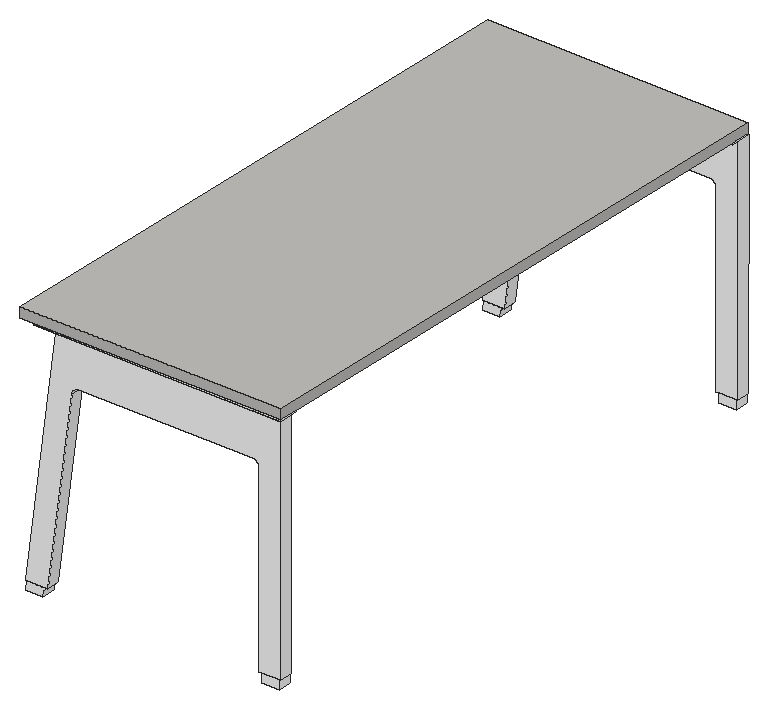
Revit family "Worksurface-Teknion-JNWRSE-Single_Sided_Rectangular_Double_Sided-R2015", category Furniture, Revit 2016
Family settings
  OmniClass Number = 23.40.20.00
  OmniClass Title = General Furniture and Specialties
  Work Plane-Based = No
  Always vertical = Yes
  Cut with Voids When Loaded = No
  Shared = Yes
  Room Calculation Point = No
Parameters (values of type "30" Depth")
  Worksurface Finish [instance] = Foundation Laminate - Teknion - LW - Storm White
  Width Note [instance] = "Widths for Single Sided Rectangular Worksurface vary in range from 24 to 81 inches in 3 inch increments and from 84 to 96 inches in 6 inch increments. Widths for the Single Sided Rectangular Cross Grain Worksurface vary in range from 24 to 60 inches in 3 inch increments."  # constant formula
  Width [instance] = 69.000"
  Warranty = "http://www.teknion.com/ca/papers/legal-canada"
  Unit Weight URL = "http://www.teknion.com/ca/tools/assets#&asset=bee6a381-b954-425e-8283-5a2de3a804f2,f828d448-4b62-4231-9e5f-9a8991c0ed77"
  URL = "www.teknion.com"
  Model = "JNWRSE_30__"
  Leg Paint Finish [instance] = Mica - Teknion - V - Satin - Very White
  Grommet Finish [instance] = Mica - Teknion - V - Satin - Very White
  Description = "Single-Sided Rectangular Worksurface – Exposed Beam"  # constant formula
  Actual Width [instance] = Width - 1.693"  # 67.307"
  Accessory Note [instance] = "Power and Data Access options are not all available for every size. Refer to specification software for available options."  # constant formula
  Sustainability Data = "http://www.teknion.com/ca/tools/assets#&topic=216f99a5-57a0-44fc-b10a-9dee9b29ae4c&asset=444deb64-fe58-4b68-981e-f75e97781df7"
  Series = "Expansion Cityline"  # constant formula
  Right Square Cut-Out Hole Depth [instance] = if([Has Right Square Cut-Out & Center Grommet], 12.000", 1.000")  # 1.000"
  Has Right Square Cut-Out & Center Grommet [instance] = no
  Product Page URL = "http://www.teknion.com/ca/products/product-details?productlineid=9ad2a26e-8e7a-673b-a6c8-ff05004460c4"
  Product Line = "Expansion Cityline"  # constant formula
  Product Documentation Link = "http://www.teknion.com/pricing/expansion-cityline/pdfs/JNWRSE_ppg.pdf"
  Part Number = "JNWRSE"  # constant formula
  Has Right Leg [instance] = yes
  Manufacturer Phone = "416-661-3370"  # constant formula
  Manufacturer Fax = "416.661.4586"  # constant formula
  Manufacturer Contact Information = "http://www.teknion.com/ca/contactus"
  Manufacturer Address = "1150 Flint Road, Toronto, ON. M3J 2J5. Canada"  # constant formula
  Manufacturer = "Teknion"  # constant formula
  Left Square Cut-Out Hole Depth [instance] = if([Has Left Square Cut-Out & Center Grommet], 12.000", 1.000")  # 1.000"
  Has Left Square Cut-Out & Center Grommet [instance] = no
  Has Left Leg [instance] = yes
  Centre Grommet Hole Depth [instance] = if(or([Has Left Square Cut-Out & Center Grommet], [Has Left Square Cut-Out & Center Grommet]), 12.000", 1.000")  # 1.000"
  Depth = 30.000"
  Centre Grommet Cap [instance] = or([Has Left Square Cut-Out & Center Grommet], [Has Right Square Cut-Out & Center Grommet])  # no
  Assembly Code = "E2020200"
Types (3): name | Model | Depth
  24" Depth | "JNWRSE_24__" | 24.000"
  18" Depth | "JNWRSE_18__" | 18.000"
  30" Depth | "JNWRSE_30__" | 30.000"
Reference planes (in)
  plane 1 "Center Front/Back": x = -11.82175
  plane 2: z = 0
  plane 3 "Center Left/Right": y = 39.12343
  plane 4 "Left": y = 72.77693
  plane 5 "Right": y = 5.46993
  plane 6 "Back": x = 3.17825
  plane 7 "Front": x = -26.82175
  plane 8 "Top": z = 29
  plane 9: z = 27.81102
  plane 10: z = 31.36625
  plane 11: z = 27.69291
  plane 12: y = 71.27693
  plane 13: y = 6.96993
Forms (in)
  Extrusion 1, solid, material "Foundation Laminate - Teknion - LW - Storm White" <- "Worksurface Finish"
    sketch origin (-38.60348, 39.12343, 0) x (0, -1, 0) y (1, 0, 0)
      loop
        line (-33.6535, 41.78173) -> (-33.6535, 11.78173) -> (33.6535, 11.78173) -> (33.6535, 41.78173) -> (-33.6535, 41.78173)
    from 27.81102 to 29
  Extrusion 2, void
    sketch origin (-38.60348, 39.96985, 0) x (0, -1, 0) y (1, 0, 0)
      loop
        line (-3.32716, 37.81006) -> (-3.32716, 34.96599) -> (3.32716, 34.96599) -> (3.32716, 37.81006) -> (-3.32716, 37.81006)
    from 30.36625 to 31.36625
  Extrusion 3, solid, material "Mica - Teknion - V - Satin - Very White" <- "Grommet Finish", visible <- "Centre Grommet Cap"
    sketch origin (-38.60348, 39.96985, 0) x (0, -1, 0) y (1, 0, 0)
      loop
        line (-3.32716, 37.81006) -> (-3.32716, 34.96599) -> (-0.47893, 34.96599) -> (-0.47893, 37.81006) -> (-3.32716, 37.81006)
    from 29 to 29.15748
  Extrusion 4, solid, material "Mica - Teknion - V - Satin - Very White" <- "Grommet Finish", visible <- "Centre Grommet Cap"
    sketch origin (-38.60348, 39.96985, 0) x (0, -1, 0) y (1, 0, 0)
      loop
        line (-0.47893, 37.81006) -> (-0.47893, 36.6007) -> (1.79967, 36.6007) -> (1.79967, 36.17535) -> (-0.47893, 36.17535) -> (-0.47893, 34.96599) -> (3.32716, 34.96599) -> (3.32716, 37.81006) -> (-0.47893, 37.81006)
    from 29 to 29.15748
  Extrusion 5, solid, material "Foundation Laminate - Teknion - LW - Storm White" <- "Worksurface Finish", visible <- "Has Left Square Cut-Out & Center Grommet"
    sketch origin (-38.60348, 39.12343, 0) x (0, -1, 0) y (1, 0, 0)
      loop
        line (-22.39917, 35.80141) -> (-22.39917, 36.97464)
        arc (-22.39917, 36.97464) -> (-22.5048, 37.22964) -> (-22.7598, 37.33527) r 0.36063
        line (-22.7598, 37.33527) -> (-23.93303, 37.33527)
        arc (-23.93303, 37.33527) -> (-24.18803, 37.22964) -> (-24.29366, 36.97464) r 0.36063
        line (-24.29366, 36.97464) -> (-24.29366, 35.80141)
        arc (-24.29366, 35.80141) -> (-24.18803, 35.54641) -> (-23.93303, 35.44078) r 0.36063
        line (-23.93303, 35.44078) -> (-22.7598, 35.44078)
        arc (-22.7598, 35.44078) -> (-22.5048, 35.54641) -> (-22.39917, 35.80141) r 0.36063
      loop
        arc (-23.93303, 37.2644) -> (-24.13792, 37.17953) -> (-24.22279, 36.97464) r 0.28976
        line (-24.22279, 36.97464) -> (-24.22279, 35.80141)
        arc (-24.22279, 35.80141) -> (-24.13792, 35.59652) -> (-23.93303, 35.51165) r 0.28976
        line (-23.93303, 35.51165) -> (-22.7598, 35.51165)
        arc (-22.7598, 35.51165) -> (-22.55491, 35.59652) -> (-22.47004, 35.80141) r 0.28976
        line (-22.47004, 35.80141) -> (-22.47004, 36.97464)
        arc (-22.47004, 36.97464) -> (-22.55491, 37.17953) -> (-22.7598, 37.2644) r 0.28976
        line (-22.7598, 37.2644) -> (-23.93303, 37.2644)
    from 27.44488 to 29
  Extrusion 6, void
    sketch origin (-38.60348, 39.12343, 0) x (0, -1, 0) y (1, 0, 0)
      loop
        arc (-23.93303, 37.33527) -> (-24.18803, 37.22964) -> (-24.29366, 36.97464) r 0.36063
        line (-24.29366, 36.97464) -> (-24.29366, 35.80141)
        arc (-24.29366, 35.80141) -> (-24.18803, 35.54641) -> (-23.93303, 35.44078) r 0.36063
        line (-23.93303, 35.44078) -> (-22.7598, 35.44078)
        arc (-22.7598, 35.44078) -> (-22.5048, 35.54641) -> (-22.39917, 35.80141) r 0.36063
        line (-22.39917, 35.80141) -> (-22.39917, 36.97464)
        arc (-22.39917, 36.97464) -> (-22.5048, 37.22964) -> (-22.7598, 37.33527) r 0.36063
        line (-22.7598, 37.33527) -> (-23.93303, 37.33527)
    from 30.36625 to 31.36625
  Extrusion 7, solid, material "Foundation Laminate - Teknion - LW - Storm White" <- "Worksurface Finish", visible <- "Has Right Square Cut-Out & Center Grommet"
    sketch origin (-38.60348, 39.12339, 0) x (0, 1, 0) y (-1, 0, 0)
      loop
        arc (-20.70626, -35.80141) -> (-20.81188, -35.54641) -> (-21.06689, -35.44078) r 0.36063
        line (-21.06689, -35.44078) -> (-22.24011, -35.44078)
        arc (-22.24011, -35.44078) -> (-22.49512, -35.54641) -> (-22.60074, -35.80141) r 0.36063
        line (-22.60074, -35.80141) -> (-22.60074, -36.97464)
        arc (-22.60074, -36.97464) -> (-22.49512, -37.22964) -> (-22.24011, -37.33527) r 0.36063
        line (-22.24011, -37.33527) -> (-21.06689, -37.33527)
        arc (-21.06689, -37.33527) -> (-20.81188, -37.22964) -> (-20.70626, -36.97464) r 0.36063
        line (-20.70626, -36.97464) -> (-20.70626, -35.80141)
      loop
        line (-22.24011, -37.2644) -> (-21.06689, -37.2644)
        arc (-21.06689, -37.2644) -> (-20.86199, -37.17953) -> (-20.77712, -36.97464) r 0.28976
        line (-20.77712, -36.97464) -> (-20.77712, -35.80141)
        arc (-20.77712, -35.80141) -> (-20.86199, -35.59652) -> (-21.06689, -35.51165) r 0.28976
        line (-21.06689, -35.51165) -> (-22.24011, -35.51165)
        arc (-22.24011, -35.51165) -> (-22.44501, -35.59652) -> (-22.52988, -35.80141) r 0.28976
        line (-22.52988, -35.80141) -> (-22.52988, -36.97464)
        arc (-22.52988, -36.97464) -> (-22.44501, -37.17953) -> (-22.24011, -37.2644) r 0.28976
    from 27.44488 to 29
  Extrusion 8, void
    sketch origin (-38.60348, 39.12339, 0) x (0, 1, 0) y (-1, 0, 0)
      loop
        line (-22.24011, -37.33527) -> (-21.06689, -37.33527)
        arc (-21.06689, -37.33527) -> (-20.81188, -37.22964) -> (-20.70626, -36.97464) r 0.36063
        line (-20.70626, -36.97464) -> (-20.70626, -35.80141)
        arc (-20.70626, -35.80141) -> (-20.81188, -35.54641) -> (-21.06689, -35.44078) r 0.36063
        line (-21.06689, -35.44078) -> (-22.24011, -35.44078)
        arc (-22.24011, -35.44078) -> (-22.49512, -35.54641) -> (-22.60074, -35.80141) r 0.36063
        line (-22.60074, -35.80141) -> (-22.60074, -36.97464)
        arc (-22.60074, -36.97464) -> (-22.49512, -37.22964) -> (-22.24011, -37.33527) r 0.36063
    from 30.36625 to 31.36625
  Extrusion 9, solid, material "Mica - Teknion - V - Satin - Very White" <- "Leg Paint Finish", visible <- "Has Left Leg"
    sketch origin (-38.60348, 39.12343, 0) x (0, -1, 0) y (1, 0, 0)
      loop
        line (-31.44878, 41.78173) -> (-33.6535, 41.78173) -> (-33.6535, 13.36867) -> (-28.69287, 13.36867) -> (-28.69287, 40.28173) -> (-31.44878, 40.28173) -> (-31.44878, 41.78173)
    from 27.69291 to 27.81102
  Extrusion 10, solid, material "Mica - Teknion - V - Satin - Very White" <- "Leg Paint Finish", visible <- "Has Left Leg"
    sketch origin (21.39652, 72.77693, 48) x (1, 0, 0) y (0, 0, 1)
      loop
        line (-20.71827, -47) -> (-18.21827, -47) -> (-18.21827, -20.30709) -> (-44.11165, -20.30709) -> (-47.62584, -47) -> (-45.10426, -47) -> (-42.33101, -25.93504)
        arc (-42.33101, -25.93504) -> (-42.04454, -25.3991) -> (-41.4758, -25.18504) r 0.86259
        line (-41.4758, -25.18504) -> (-21.46827, -25.18504)
        arc (-21.46827, -25.18504) -> (-20.93794, -25.40471) -> (-20.71827, -25.93504) r 0.75
        line (-20.71827, -25.93504) -> (-20.71827, -47)
    from 0 to 1.5
  Extrusion 11, solid, material "Mica - Teknion - V - Satin - Very White" <- "Leg Paint Finish", visible <- "Has Right Leg"
    sketch origin (21.39652, -2.87657, 48) x (1, 0, 0) y (0, 0, -1)
      loop
        line (-20.71827, 47) -> (-20.71827, 25.93504)
        arc (-20.71827, 25.93504) -> (-20.93794, 25.40471) -> (-21.46827, 25.18504) r 0.75
        line (-21.46827, 25.18504) -> (-41.4758, 25.18504)
        arc (-41.4758, 25.18504) -> (-42.04454, 25.3991) -> (-42.33101, 25.93504) r 0.86259
        line (-42.33101, 25.93504) -> (-45.10426, 47) -> (-47.62584, 47) -> (-44.11165, 20.30709) -> (-18.21827, 20.30709) -> (-18.21827, 47) -> (-20.71827, 47)
    from 8.3465 to 9.8465
  Extrusion 12, solid, material "Mica - Teknion - V - Satin - Very White" <- "Leg Paint Finish", visible <- "Has Right Leg"
    sketch origin (-38.60348, 39.12343, 0) x (0, 1, 0) y (-1, 0, 0)
      loop
        line (-31.44878, -41.78173) -> (-31.44878, -40.28173) -> (-28.69287, -40.28173) -> (-28.69287, -13.36867) -> (-33.6535, -13.36867) -> (-33.6535, -41.78173) -> (-31.44878, -41.78173)
    from 27.69291 to 27.81102
  Extrusion 13, solid, material "Mica - Teknion - V - Satin - Very White" <- "Leg Paint Finish", visible <- "Has Left Leg"
    sketch origin (21.39652, 72.77693, 48) x (1, 0, 0) y (0, 0, 1)
      loop
        line (-18.35607, -47) -> (-20.37237, -47) -> (-20.37237, -48) -> (-18.35607, -48) -> (-18.35607, -47)
    from 0 to 1.5
  Extrusion 14, solid, material "Mica - Teknion - V - Satin - Very White" <- "Leg Paint Finish", visible <- "Has Left Leg"
    sketch origin (21.39652, 72.77693, 48) x (1, 0, 0) y (0, 0, 1)
      loop
        line (-45.58482, -48) -> (-45.45317, -47) -> (-47.48685, -47) -> (-47.6185, -48) -> (-45.58482, -48)
    from 0 to 1.5
  Extrusion 15, solid, material "Mica - Teknion - V - Satin - Very White" <- "Leg Paint Finish", visible <- "Has Right Leg"
    sketch origin (21.39652, -2.87657, 48) x (1, 0, 0) y (0, 0, -1)
      loop
        line (-45.58482, 48) -> (-47.6185, 48) -> (-47.48685, 47) -> (-45.45317, 47) -> (-45.58482, 48)
    from 8.3465 to 9.8465
  Extrusion 16, solid, material "Mica - Teknion - V - Satin - Very White" <- "Leg Paint Finish", visible <- "Has Right Leg"
    sketch origin (-27.04003, -2.87657, 48) x (-1, 0, 0) y (0, 0, 1)
      loop
        line (-30.08048, -47) -> (-30.08048, -48) -> (-28.06418, -48) -> (-28.06418, -47) -> (-30.08048, -47)
    from 8.3465 to 9.8465
Cuts and joins
  Extrusion 8 cuts Extrusion 5
  Extrusion 2, Extrusion 6, Extrusion 8 cuts Extrusion 1
Lines and regions (in)
  Masking region 1
    outline origin (-38.60348, 39.12343, 0) x (0, -1, 0) y (1, 0, 0)
      loop
        line (-33.6535, 41.78173) -> (-33.6535, 11.78173) -> (33.6535, 11.78173) -> (33.6535, 41.78173) -> (-33.6535, 41.78173)
  symbolic lines, style "FurnitureHiddenLines", visible <- "Has Left Leg", detail levels medium+fine
    curve 1: line (1.67825, 70.57221, 0) -> (3.17825, 70.57221, 0)
    curve 2: line (1.67825, 67.8163, 0) -> (1.67825, 70.57221, 0)
    curve 3: line (-25.23481, 67.8163, 0) -> (1.67825, 67.8163, 0)
    curve 4: line (-25.23481, 72.77693, 0) -> (-25.23481, 67.8163, 0)
    curve 5: line (-26.22932, 71.27693, 0) -> (3.17825, 71.27693, 0)
    curve 6: line (-26.22932, 72.77693, 0) -> (-26.22932, 71.27693, 0)
  symbolic lines, style "FurnitureHiddenLines", visible <- "Has Left Leg", detail levels fine
    curve 7: line (1.02415, 72.77693, 0) -> (1.02415, 71.27693, 0)
    curve 8: line (3.04045, 72.77693, 0) -> (3.04045, 71.27693, 0)
    curve 9: line (-24.05665, 72.77693, 0) -> (-24.05665, 71.27693, 0)
  symbolic lines, style "FurnitureHiddenLines", visible <- "Has Right Leg", detail levels medium+fine
    curve 10: line (-25.23481, 10.43056, 0) -> (-25.23481, 5.46993, 0)
    curve 11: line (1.67825, 10.43056, 0) -> (-25.23481, 10.43056, 0)
    curve 12: line (1.67825, 7.67466, 0) -> (1.67825, 10.43056, 0)
    curve 13: line (3.17825, 7.67466, 0) -> (1.67825, 7.67466, 0)
    curve 14: line (3.17825, 6.96993, 0) -> (-26.22932, 6.96993, 0)
    curve 15: line (-26.22932, 6.96993, 0) -> (-26.22932, 5.46993, 0)
  symbolic lines, style "FurnitureHiddenLines", visible <- "Has Right Leg", detail levels fine
    curve 16: line (1.02415, 6.96993, 0) -> (1.02415, 5.46993, 0)
    curve 17: line (-24.05665, 5.46993, 0) -> (-24.05665, 6.96993, 0)
    curve 60: line (3.04045, 5.46993, 0) -> (3.04045, 6.96993, 0)
  symbolic lines, visible <- "Centre Grommet Cap"
    curve 18: line (-0.79342, 43.29701, 0) -> (-0.79342, 40.44878, 0)
    curve 19: line (-3.63749, 43.29701, 0) -> (-0.79342, 43.29701, 0)
    curve 20: line (-3.63749, 40.44878, 0) -> (-3.63749, 43.29701, 0)
    curve 25: line (-0.79342, 40.44878, 0) -> (-0.79342, 36.64269, 0)
    curve 26: line (-0.79342, 36.64269, 0) -> (-3.63749, 36.64269, 0)
    curve 27: line (-3.63749, 36.64269, 0) -> (-3.63749, 40.44878, 0)
  symbolic lines, visible <- "Centre Grommet Cap", detail levels medium+fine
    curve 21: line (-0.79342, 40.44878, 0) -> (-3.63749, 40.44878, 0)
  symbolic lines, visible <- "Centre Grommet Cap", detail levels fine
    curve 22: line (-2.00278, 40.44878, 0) -> (-2.00278, 38.17017, 0)
    curve 23: line (-2.00278, 38.17017, 0) -> (-2.42813, 38.17017, 0)
    curve 24: line (-2.42813, 38.17017, 0) -> (-2.42813, 40.44878, 0)
  symbolic lines, visible <- "Has Left Square Cut-Out & Center Grommet"
    curve 28: line (-1.26821, 61.88323, 0) -> (-1.26821, 63.05646, 0)
    curve 29: arc (-1.26821, 63.05646, 0) -> (-1.37384, 63.31147, 0) -> (-1.62884, 63.41709, 0) r 0.36063
    curve 30: line (-1.62884, 63.41709, 0) -> (-2.80207, 63.41709, 0)
    curve 31: arc (-2.80207, 63.41709, 0) -> (-3.05707, 63.31147, 0) -> (-3.1627, 63.05646, 0) r 0.36063
    curve 32: line (-3.1627, 63.05646, 0) -> (-3.1627, 61.88323, 0)
    curve 33: arc (-3.1627, 61.88323, 0) -> (-3.05707, 61.62823, 0) -> (-2.80207, 61.5226, 0) r 0.36063
    curve 34: line (-2.80207, 61.5226, 0) -> (-1.62884, 61.5226, 0)
    curve 35: arc (-1.62884, 61.5226, 0) -> (-1.37384, 61.62823, 0) -> (-1.26821, 61.88323, 0) r 0.36063
    curve 36: line (-1.33908, 63.05646, 0) -> (-1.33908, 61.88323, 0)
    curve 37: arc (-1.33908, 61.88323, 0) -> (-1.42395, 61.67834, 0) -> (-1.62884, 61.59347, 0) r 0.28976
    curve 38: line (-1.62884, 61.59347, 0) -> (-2.80207, 61.59347, 0)
    curve 39: arc (-2.80207, 61.59347, 0) -> (-3.00696, 61.67834, 0) -> (-3.09183, 61.88323, 0) r 0.28976
    curve 40: line (-3.09183, 61.88323, 0) -> (-3.09183, 63.05646, 0)
    curve 41: arc (-3.09183, 63.05646, 0) -> (-3.00696, 63.26136, 0) -> (-2.80207, 63.34623, 0) r 0.28976
    curve 42: line (-2.80207, 63.34623, 0) -> (-1.62884, 63.34623, 0)
    curve 43: arc (-1.62884, 63.34623, 0) -> (-1.42395, 63.26136, 0) -> (-1.33908, 63.05646, 0) r 0.28976
  symbolic lines, visible <- "Has Right Square Cut-Out & Center Grommet"
    curve 44: line (-1.26821, 16.88328, 0) -> (-1.26821, 18.05651, 0)
    curve 45: arc (-1.26821, 18.05651, 0) -> (-1.37384, 18.31151, 0) -> (-1.62884, 18.41714, 0) r 0.36063
    curve 46: line (-1.62884, 18.41714, 0) -> (-2.80207, 18.41714, 0)
    curve 47: arc (-2.80207, 18.41714, 0) -> (-3.05707, 18.31151, 0) -> (-3.1627, 18.05651, 0) r 0.36063
    curve 48: line (-3.1627, 18.05651, 0) -> (-3.1627, 16.88328, 0)
    curve 49: arc (-3.1627, 16.88328, 0) -> (-3.05707, 16.62828, 0) -> (-2.80207, 16.52265, 0) r 0.36063
    curve 50: line (-2.80207, 16.52265, 0) -> (-1.62884, 16.52265, 0)
    curve 51: arc (-1.62884, 16.52265, 0) -> (-1.37384, 16.62828, 0) -> (-1.26821, 16.88328, 0) r 0.36063
    curve 52: line (-1.33908, 18.05651, 0) -> (-1.33908, 16.88328, 0)
    curve 53: arc (-1.33908, 16.88328, 0) -> (-1.42395, 16.67839, 0) -> (-1.62884, 16.59352, 0) r 0.28976
    curve 54: line (-1.62884, 16.59352, 0) -> (-2.80207, 16.59352, 0)
    curve 55: arc (-2.80207, 16.59352, 0) -> (-3.00696, 16.67839, 0) -> (-3.09183, 16.88328, 0) r 0.28976
    curve 56: line (-3.09183, 16.88328, 0) -> (-3.09183, 18.05651, 0)
    curve 57: arc (-3.09183, 18.05651, 0) -> (-3.00696, 18.2614, 0) -> (-2.80207, 18.34627, 0) r 0.28976
    curve 58: line (-2.80207, 18.34627, 0) -> (-1.62884, 18.34627, 0)
    curve 59: arc (-1.62884, 18.34627, 0) -> (-1.42395, 18.2614, 0) -> (-1.33908, 18.05651, 0) r 0.28976
  reference lines, not visible
    curve 61: line (-26.82175, 72.77693, 0) -> (-26.82175, 5.46993, 0)
    curve 62: line (3.17825, 72.77693, 0) -> (-26.82175, 72.77693, 0)
    curve 63: line (3.17825, 72.77693, 0) -> (3.17825, 5.46993, 0)
    curve 64: line (3.17825, 5.46993, 0) -> (-26.82175, 5.46993, 0)
Dimensions and locks (in)
  equal spacing: plane 4 "Left", plane 3 "Center Left/Right", plane 5 "Right"
  equal spacing: plane 6 "Back", plane 1 "Center Front/Back", plane 7 "Front"
  locked: plane 8 "Top" to level at 29
  "Depth": plane 6 "Back" to plane 7 "Front"
  "Actual Width": plane 4 "Left" to plane 5 "Right"
  locked: plane 9 to plane 2 at 27.81102
  "Centre Grommet Hole Depth": plane 10 to Extrusion 2
  plane 6 "Back" to Extrusion 2 sketch curve to Extrusion 2 sketch curve = 3.97167" locked, 2.84406" locked
  Extrusion 2 sketch curve to plane 3 "Center Left/Right" to Extrusion 2 sketch curve = 4.17357", 2.48074"
  locked: Extrusion 3 to plane 8 "Top" at 0.15748
  locked: Extrusion 4 to plane 8 "Top" at 0.15748
  Extrusion 3 sketch curve to Extrusion 3 sketch curve to plane 3 "Center Left/Right" = 2.84823" locked, 1.32534" locked
  Extrusion 3 sketch curve to Extrusion 3 sketch curve to plane 6 "Back" = 2.84406" locked, 3.97167" locked
  Extrusion 4 sketch curve to Extrusion 4 sketch curve to plane 3 "Center Left/Right" to Extrusion 4 sketch curve to Extrusion 4 sketch curve = 0.000" locked, 1.32534" locked, 0.95326" locked, 1.52748" locked
  Extrusion 4 sketch curve to Extrusion 4 sketch curve to Extrusion 4 sketch curve to Extrusion 4 sketch curve to plane 6 "Back" = 1.20936" locked, 0.42535" locked, 1.20936" locked, 3.97167" locked
  plane 4 "Left" to Extrusion 5 sketch curve to Extrusion 5 sketch curve = 9.35984" locked, 1.89449" locked
  plane 6 "Back" to Extrusion 5 sketch curve to Extrusion 5 sketch curve to Extrusion 5 sketch curve to Extrusion 5 sketch curve to Extrusion 5 sketch curve to Extrusion 5 sketch curve = 4.44646" locked, 0.36063" locked, 0.000" locked, 1.17323" locked, 0.000" locked, 0.36063" locked
  plane 4 "Left" to Extrusion 5 sketch curve to Extrusion 5 sketch curve to Extrusion 5 sketch curve to Extrusion 5 sketch curve = 9.72047" locked, 0.000" locked, 1.17323" locked, 0.000" locked
  Extrusion 5 sketch curve to Extrusion 5 sketch curve to plane 6 "Back" = 1.75276" locked, 4.51732" locked
  locked: plane 9 to Extrusion 5 at 0.36614
  plane 4 "Left" to Extrusion 6 sketch curve to Extrusion 6 sketch curve = 9.35984" locked, 1.89449" locked
  plane 6 "Back" to Extrusion 6 sketch curve to Extrusion 6 sketch curve to Extrusion 6 sketch curve to Extrusion 6 sketch curve to Extrusion 6 sketch curve to Extrusion 6 sketch curve = 4.44646" locked, 0.36063" locked, 0.000" locked, 1.17323" locked, 0.000" locked, 0.36063" locked
  "Left Square Cut-Out Hole Depth": plane 10 to Extrusion 6
  plane 5 "Right" to Extrusion 7 sketch curve to Extrusion 7 sketch curve = 11.05272" locked, 1.89449" locked
  plane 6 "Back" to Extrusion 7 sketch curve to Extrusion 7 sketch curve to Extrusion 7 sketch curve to Extrusion 7 sketch curve to Extrusion 7 sketch curve to Extrusion 7 sketch curve = 4.44646" locked, 0.36063" locked, 0.000" locked, 1.17323" locked, 0.000" locked, 0.36063" locked
  plane 5 "Right" to Extrusion 7 sketch curve to Extrusion 7 sketch curve to Extrusion 7 sketch curve to Extrusion 7 sketch curve = 11.41335" locked, 0.000" locked, 1.17323" locked, 0.000" locked
  Extrusion 7 sketch curve to Extrusion 7 sketch curve to plane 6 "Back" = 1.75276" locked, 4.51732" locked
  plane 5 "Right" to Extrusion 8 sketch curve to Extrusion 8 sketch curve = 11.05272" locked, 1.89449" locked
  plane 6 "Back" to Extrusion 8 sketch curve to Extrusion 8 sketch curve to Extrusion 8 sketch curve to Extrusion 8 sketch curve to Extrusion 8 sketch curve to Extrusion 8 sketch curve = 4.44646" locked, 0.36063" locked, 0.000" locked, 1.17323" locked, 0.000" locked, 0.36063" locked
  "Right Square Cut-Out Hole Depth": plane 10 to Extrusion 8
  plane 4 "Left" to Extrusion 9 sketch curve to Extrusion 9 sketch curve = 2.20472" locked, 2.75591" locked
  locked: plane 7 "Front" to Extrusion 9 sketch curve at 1.58694
  locked: plane 8 "Top" to plane 11 at 1.30709
  plane 11 to Extrusion 10 sketch curve to Extrusion 10 sketch curve to Extrusion 10 sketch curve to Extrusion 10 sketch curve = 5.62795" locked, 0.11259" locked, 20.95237" locked, 0.000" locked
  Extrusion 10 sketch curve to Extrusion 10 sketch curve to Extrusion 10 sketch curve to Extrusion 10 sketch curve to plane 7 "Front" = 2.63585" locked, 0.99262" locked, 2.52157" locked, 0.59244" locked
  locked: plane 4 "Left" to plane 12 at 1.5
  plane 2 to Extrusion 11 sketch curve to Extrusion 11 sketch curve to Extrusion 11 sketch curve to Extrusion 11 sketch curve = 1.000" locked, 0.000" locked, 20.95237" locked, 0.11259" locked
  Extrusion 11 sketch curve to Extrusion 11 sketch curve to Extrusion 11 sketch curve to Extrusion 11 sketch curve to plane 7 "Front" = 2.63585" locked, 0.99262" locked, 2.52157" locked, 0.59244" locked
  plane 5 "Right" to Extrusion 12 sketch curve to Extrusion 12 sketch curve = 2.20472" locked, 2.75591" locked
  locked: plane 6 "Back" to Extrusion 12 sketch curve at 1.5
  locked: plane 7 "Front" to Extrusion 12 sketch curve at 1.58694
  locked: plane 13 to plane 5 "Right" at 1.5
  locked: Extrusion 13 sketch curve to plane 2 at 1
  plane 6 "Back" to Extrusion 13 sketch curve to Extrusion 13 sketch curve = 0.1378" locked, 2.0163" locked
  Extrusion 14 sketch curve to Extrusion 14 sketch curve to Extrusion 14 sketch curve to Extrusion 14 sketch curve to plane 7 "Front" = 0.13165" locked, 1.90203" locked, 0.13165" locked, 0.59977" locked
  locked: Extrusion 14 sketch curve to plane 2 at 1
  Extrusion 15 sketch curve to Extrusion 15 sketch curve to Extrusion 15 sketch curve to Extrusion 15 sketch curve to plane 7 "Front" = 0.13165" locked, 1.90203" locked, 0.13165" locked, 0.59977" locked
  locked: Extrusion 16 sketch curve to plane 2 at 1
  plane 6 "Back" to Extrusion 10 sketch curve to Extrusion 10 sketch curve = 2.500" locked, 0.750" locked
  Extrusion 11 sketch curve to Extrusion 11 sketch curve to plane 6 "Back" = 0.750" locked, 2.500" locked
  locked: Extrusion 15 sketch curve to Extrusion 15 sketch curve at 1
  Extrusion 16 sketch curve to Extrusion 16 sketch curve to Extrusion 11 = 2.0163" locked, 0.34591" locked
  locked: plane 10 to plane 8 "Top" at 2.36625
  plane 4 "Left" to Extrusion 6 = 9.35984"
  plane 4 "Left" to Extrusion 2 = 29.47993"
  locked: plane 11 to Extrusion 7 at 0.24803
  "Centre Grommet Hole Depth": Extrusion 2 to plane 10
  aligned and locked: level to plane 2
  aligned and locked: Extrusion 1 sketch curve to plane 6 "Back"
  aligned and locked: plane 5 "Right" to Extrusion 1 sketch curve
  aligned and locked: Extrusion 1 sketch curve to plane 7 "Front"
  aligned and locked: Extrusion 1 sketch curve to plane 4 "Left"
  aligned and locked: Extrusion 1 to plane 9
  aligned and locked: Extrusion 2 to plane 10
  aligned and locked: plane 8 "Top" to Extrusion 1
  aligned and locked: plane 9 to Extrusion 1
  aligned and locked: plane 5 "Right" to Extrusion 1
  aligned and locked: plane 4 "Left" to Extrusion 1
  aligned and locked: Extrusion 4 to plane 8 "Top"
  aligned and locked: plane 8 "Top" to Extrusion 3
  aligned and locked: plane 8 "Top" to Extrusion 5
  aligned and locked: Extrusion 6 to plane 10
  aligned and locked: Extrusion 9 sketch curve to plane 6 "Back"
  aligned and locked: Extrusion 9 sketch curve to plane 4 "Left"
  aligned and locked: Extrusion 9 to plane 9
  aligned and locked: plane 11 to Extrusion 9
  aligned and locked: plane 6 "Back" to Extrusion 10 sketch curve
  aligned and locked: plane 11 to Extrusion 10 sketch curve
  aligned and locked: Extrusion 10 to plane 4 "Left"
  aligned and locked: plane 12 to Extrusion 10
  aligned and locked: Extrusion 11 to plane 13
  aligned and locked: plane 5 "Right" to Extrusion 12 sketch curve
  aligned and locked: plane 6 "Back" to Extrusion 12 sketch curve
  aligned and locked: plane 5 "Right" to Extrusion 12
  aligned and locked: Extrusion 11 to plane 5 "Right"
  aligned and locked: plane 2 to Extrusion 13 sketch curve
  aligned and locked: plane 2 to Extrusion 14 sketch curve
  aligned and locked: plane 12 to Extrusion 14
  aligned and locked: plane 4 "Left" to Extrusion 14
  aligned and locked: Extrusion 13 to plane 12
  aligned and locked: Extrusion 15 to plane 13
  aligned and locked: Extrusion 15 to plane 5 "Right"
  aligned and locked: Extrusion 16 to plane 13
  aligned and locked: Extrusion 16 to plane 5 "Right"
  aligned and locked: plane 6 "Back" to Extrusion 11 sketch curve
  aligned and locked: Masking region 1 sketch curve to plane 7 "Front"
  aligned and locked: plane 5 "Right" to Masking region 1 sketch curve
  aligned and locked: Masking region 1 sketch curve to plane 6 "Back"
  aligned and locked: Masking region 1 sketch curve to plane 4 "Left"
  aligned and locked: curve 1 to Extrusion 9
  aligned and locked: curve 2 to Extrusion 9
  aligned and locked: curve 3 to Extrusion 9
  aligned and locked: curve 4 to Extrusion 9
  aligned and locked: curve 29 to Extrusion 6
  aligned and locked: curve 31 to Extrusion 6
  aligned and locked: curve 33 to Extrusion 6
  aligned and locked: curve 35 to Extrusion 6
  aligned and locked: curve 37 to cut or joined group of Extrusion 5, Extrusion 8
  aligned and locked: curve 39 to cut or joined group of Extrusion 5, Extrusion 8
  aligned and locked: curve 41 to cut or joined group of Extrusion 5, Extrusion 8
  aligned and locked: curve 43 to cut or joined group of Extrusion 5, Extrusion 8
  aligned and locked: curve 45 to Extrusion 8
  aligned and locked: curve 47 to Extrusion 8
  aligned and locked: curve 49 to Extrusion 8
  aligned and locked: curve 51 to Extrusion 8
  aligned and locked: curve 53 to Extrusion 7
  aligned and locked: curve 55 to Extrusion 7
  aligned and locked: curve 57 to Extrusion 7
  aligned and locked: curve 59 to Extrusion 7
  aligned and locked: plane 2 to Extrusion 15 sketch curve
  aligned and locked: Extrusion 16 sketch curve to plane 2
  aligned and locked: curve 20 to Extrusion 2
  aligned and locked: curve 61 to plane 7 "Front"
  aligned and locked: curve 62 to plane 4 "Left"
  aligned and locked: curve 63 to plane 6 "Back"
  aligned and locked: plane 5 "Right" to curve 64
  aligned and locked: plane 8 "Top" to Extrusion 7
  aligned and locked: Extrusion 12 to plane 9
  aligned and locked: plane 11 to Extrusion 12
  aligned and locked: plane 11 to Extrusion 10
  aligned and locked: plane 11 to Extrusion 11 sketch curve
  aligned and locked: Extrusion 13 to plane 4 "Left"
  aligned and locked: curve 5 to plane 12
  aligned and locked: curve 7 to Extrusion 13
  aligned and locked: curve 9 to Extrusion 14
  aligned and locked: curve 6 to Extrusion 10
  aligned and locked: curve 19 to Extrusion 2
  aligned and locked: curve 18 to Extrusion 2
  aligned and locked: curve 26 to Extrusion 2
  aligned and locked: curve 11 to Extrusion 12
  aligned and locked: curve 10 to Extrusion 12
  aligned and locked: Extrusion 12 to curve 12
  aligned and locked: curve 13 to Extrusion 12
  aligned and locked: curve 17 to Extrusion 15
  aligned and locked: curve 16 to Extrusion 16
  aligned and locked: curve 60 to Extrusion 16
Automatic sketch dimensions
  Extrusion 5 sketch curve to Extrusion 5 sketch curve = 0.000"  (x2)
  Extrusion 7 sketch curve to Extrusion 7 sketch curve = 0.000"  (x2)
  Extrusion 9 sketch curve to Extrusion 9 sketch curve = 1.500"
  Extrusion 11 sketch curve to Extrusion 11 sketch curve = 0.85521"
  plane 11 to Extrusion 10 sketch curve = 5.62795"
  curve 15 to plane 13 = 0.000"
  curve 15 to plane 5 "Right" = 0.000"
  curve 17 to plane 5 "Right" = 0.000"
  curve 16 to plane 5 "Right" = 0.000"
  plane 4 "Left" to curve 8 = 0.000"
  curve 13 to plane 6 "Back" = 0.000"
  curve 5 to plane 6 "Back" = 0.000"
  curve 1 to plane 6 "Back" = 0.000"
  curve 14 to plane 6 "Back" = 0.000"
  curve 60 to plane 5 "Right" = 0.000"
  curve 10 to plane 5 "Right" = 0.000"
  plane 4 "Left" to curve 7 = 0.000"
  curve 9 to plane 4 "Left" = 0.000"
  curve 6 to plane 4 "Left" = 0.000"
  curve 4 to plane 4 "Left" = 0.000"
  curve 15 to plane 7 "Front" = 0.59244"
  plane 3 "Center Left/Right" to curve 24 = 0.95326"
  curve 26 to curve 24 = 1.20936"
  curve 23 to curve 23 = 0.42535"
  curve 20 to plane 3 "Center Left/Right" = 1.32534"
  curve 8 to plane 6 "Back" = 0.1378"
